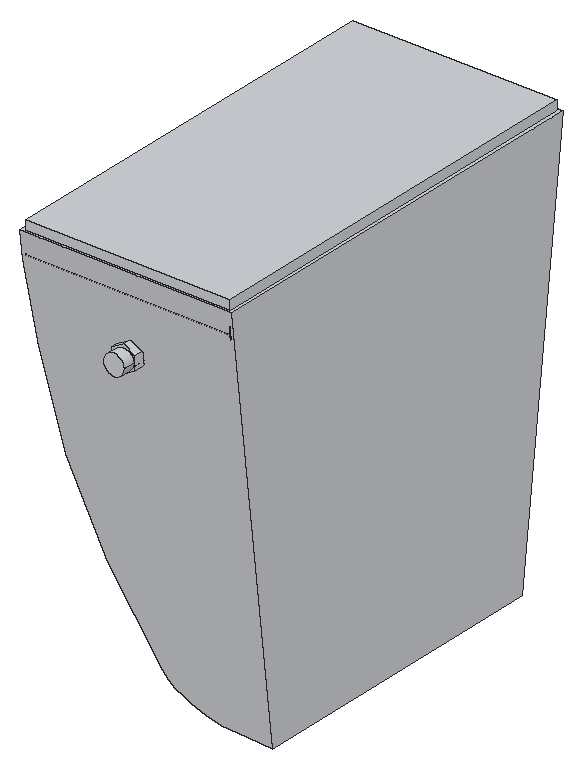
Revit family "0049945_1900lm", category Lighting Fixtures, host Face, Revit 2018
Family settings
  Host = Face
  Round Connector Dimension = Use Diameter
  Part Type = Normal
  OmniClass Number = 23.80.70.00
  OmniClass Title = Lighting
  Cut with Voids When Loaded = No
  Light Source = Yes
  Shared = No
  Room Calculation Point = No
Parameters (values of type "0049945 MURO SURF IP65 1700-3250LM 840 PH E3 GR")
  Weight = "n/a"
  Wattage Comments = ""
  Wattage = 0 W
  WarrantyStartDate [instance] = "n/a"
  WarrantyGuarantorParts = "n/a"
  WarrantyDurationUnit = "n/a"
  WarrantyDurationParts = ""
  WarrantyDescription = "http://www.sylvania-lighting.com"
  built-in parameter 1150110 = 1 (stored number, unit not read)
  Voltage = 0 V
  URL = "0.9"
  TypeName = "Muro Surface IP65 1700-3250lm 840 PH E3 Grey"
  Type Image = <None>
  Type Comments = "n/a"
  built-in parameter 1114217 = 1 (stored number, unit not read)
  Tilt Angle = -90.00°
  built-in parameter 1150109 = 1 (stored number, unit not read)
  built-in parameter 1150134 = 12
  built-in parameter 1150113 = 1 (stored number, unit not read)
  SerialNumber [instance] = "n/a"
  Photometric Web File = "0049945_1900lm.IES"
  Material_3_SYL = none
  PowerFactor = 0.95
  PowerConsumption = "Lighting"
  NominalLength = 155 mm
  NominalHeight = 305 mm
  NominalDepth = 155 mm
  Name = "Muro Surface IP65 1700-3250lm 840 PH E3 Grey"
  ModelReference = Name  # "Muro Surface IP65 1700-3250lm 840 PH E3 Grey"
  ModelNumber = "0049945"
  Model = Name  # "Muro Surface IP65 1700-3250lm 840 PH E3 Grey"
  Material = "Feilo Sylvania"
  ManufacturerName = "108 lm/W"
  Manufacturer = ""
  LuminousEfficacy = ""
  built-in parameter 1150105 = (empty or 0)
  Lumens = 0 lm
  LuminaireType = "0"
  built-in parameter 1150115 = 1 (stored number, unit not read)
  LightOutputRatio = "LED"
  built-in parameter 1150137 = (empty or 0)
  built-in parameter 1150139 = (empty or 0)
  LampsType = Lamp  # "n/a"
  LampNominalLuminous = "4000 K"
  LampMacAdamStep = "80"
  LampColourTemperature = "LED"
  LampColourRenderingIndex = "16500"
  built-in parameter 1150112 = 1 (stored number, unit not read)
  built-in parameter 1150114 = 1 (stored number, unit not read)
  Lamp = "n/a"
  Keynote = "n/a"
  InstallationDate [instance] = "n/a"
  InputVoltage = "0"
  InputNominalFrequency = "4000"
  built-in parameter 1150132 = (empty or 0)
  built-in parameter 1150102 = (empty or 0)
  built-in parameter 1150107 = 4000 (stored number, unit not read)
  built-in parameter 1150138 = (empty or 0)
  IngressProtection = "IfcLightFixtureType"
  ImpactProtectionIndex = "IfcLightFixtureType"
  built-in parameter 1150106 = (empty or 0)
  IfcExportType = "IfcLightFixtureType"
  IfcExportAs = "Class I"
  Emit from Circle Diameter = 609.6 mm
  Emit Shape Visible in Rendering = no
  ElectricShockClassification = "108"
  built-in parameter 1150104 = 11.334 (stored number, unit not read)
  DocumentationLiterature = "http://www.sylvania-lighting.com/product/en-int/products/0049945"
  DimmingControlOptions = "n/a"
  Material_2_SYL = none
  Dimming Lamp Color Temperature Shift = <None>
  Description = "Muro Surface is a wall mounted fixture for exterior lighting applications with 3 hours combined non-maintained emergency unit. Comes with aluminium housing in RAL7016 anthracite grey colour, frosted PC diffuser, IP65, IK10, Class I, 4000K, non-dimmable multipower driver with 5 settings, 1700 / 1900 / 2750 / 3150 / 3250 lm, 16 / 18 / 26 / 29 / 30 W, up to 109 lm/W total system efficacy, switchable built in Mini photocell, CRI80, Asymmetrical beam, 119.000 hrs L70B50 lifespan, 304 x 305 x 155 mm (L x W x D) dimensions, 4.32 kg weight."
  Default Elevation = 1219.2 mm
  CreatedOn = "27/06/2022"
  CreatedBy = "@sylvania-lighting.com"
  Cost = 0
  Color Filter = 16777215
  built-in parameter 1114216 [instance] = (empty or 0)
  ClassificationValue = "EF_70_80"
  ClassificationName = "Uniclass2015"
  Material_1_SYL = none
  BarCode [instance] = "n/a"
  built-in parameter 1114218 = 1 (stored number, unit not read)
  built-in parameter 1150133 = 10 (stored number, unit not read)
  AssetType = "Fixed"
  AssetIdentifier [instance] = "n/a"
  Assembly Code = "D5020200"
  Apparent Load = 30 VA
  Material_4_SYL = none
Reference planes
  plane 1 "Center (Front/Back)": y = 0
  plane 2: z = 0
  plane 3 "Center (Left/Right)": x = 0
  plane 4: x = -78
  plane 5: x = 78
  plane 6: z = -305
  plane 7: y = 150
  plane 8: y = -150
  plane 9: x = -75
  plane 10: x = 75
  plane 11: y = 115
  plane 12: y = -115
  plane 13: z = -65
  plane 14: x = -2
Forms (mm)
  Extrusion 1, solid
    sketch origin (0, 0, 0) x (1, 0, 0) y (0, 0, 1)
      loop
        line (78, -310) -> (78, -6.48) -> (-78, -6.48) -> (-78, -26.48) -> (-72.235, -85.387)
        arc (-72.235, -85.387) -> (-48.397, -189.323) -> (-0.704, -284.698) r 448.659
        arc (-0.704, -284.698) -> (5.844, -292.285) -> (14.114, -297.948) r 38.9
        line (14.114, -297.948) -> (19.517, -300.701)
        arc (19.517, -300.701) -> (35.277, -306.672) -> (51.956, -309.091) r 77.403
        line (51.956, -309.091) -> (78, -310)
    from -152 to 152
  Extrusion 2, solid
    sketch origin (0, 0, 0) x (1, 0, 0) y (0, 1, 0)
      loop
        line (75, 150) -> (-75, 150) -> (-75, -150) -> (75, -150) -> (75, 150)
    from -26.48 to 0
  Extrusion 3, void
    sketch origin (319, 1524, 1219.2) x (0, 1, 0) y (0, 0, 1)
      loop
        line (-1412.802, -1554.876) -> (-1285.02, -1554.876) -> (-1262, -1225.68) -> (-1372, -1225.68) -> (-1412.802, -1554.876)
    from -490.123 to 1
  Extrusion 4, void
    sketch origin (319, -1524, 1219.2) x (0, -1, 0) y (0, 0, -1)
      loop
        line (-1412.802, 1554.876) -> (-1372, 1225.68) -> (-1262, 1225.68) -> (-1285.02, 1554.876) -> (-1412.802, 1554.876)
    from -490.123 to 1
  Extrusion 5, solid
    sketch origin (0, 0, 0) x (1, 0, 0) y (0, 0, 1)
      loop
        circle (-2, -65) r 7.5
    from 0 to 160.393
  Extrusion 6, solid
    sketch origin (0, 0, 0) x (1, 0, 0) y (0, 0, 1)
      loop
        line (-2, -55) -> (-10.66, -60) -> (-10.66, -70) -> (-2, -75) -> (6.66, -70) -> (6.66, -60) -> (-2, -55)
    from 0 to 152
Cuts and joins
  Extrusion 3, Extrusion 4 cuts Extrusion 1
  Extrusion 4 cuts Extrusion 2
Dimensions and locks
  aligned and locked: plane 2 to host face
  aligned and locked: level to host face
Connectors
  electrical at (78, 0, -158.24)
    settings: on cut or joined group of Extrusion 1, Extrusion 3, Extrusion 4, index 1, voltage 0 V, apparent load 0 VA, apparent load phase1 0 VA, apparent load phase2 0 VA, apparent load phase3 0 VA, power factor 1, load classification "Other", number of poles 1, system type 31, power factor state 1, is connector primary yes, connector utility no, sub classification motor no, connector description ""
